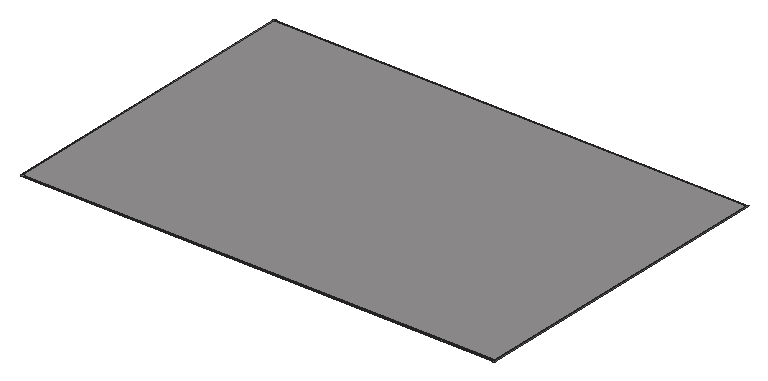
Revit family "Haworth_HandKnottedDegrade_Rugs", category Furniture, Revit 2018
Family settings
  OmniClass Number = 23.35.50.27.11.11
  OmniClass Title = Access Floors, Frames
  Work Plane-Based = No
  Always vertical = Yes
  Cut with Voids When Loaded = No
  Shared = No
  Room Calculation Point = No
Parameters (values of type "HCGN-HK Area Rug")
  Warranty = "http://www.haworth.com/resources/product-info/warranties"
  URL - Product = "https://www.haworth.com/na/en/products/rugs/hand-knotted-degrade.html"
  URL = "http://www.haworth.com/our-brands/haworth-collection"
  Thickness = 1/4"  # constant formula
  Revision Number = "1"  # constant formula
  Overlay Finish [instance] = Haworth_Viscose_Hand Knotted Degrade_Grey ZK-A03
  Size = "Verify Final Dimensions w/ Haworth"  # constant formula
  Model = "HCGN-HK"  # constant formula
  Manufacturer = "Haworth"  # constant formula
  Description = "Haworth Hand Knotted Degrade Rugs"
  Author = "Haworth (Alias)"  # constant formula
  Assembly Code = ""
  Actual Width = 78 179/256"  # constant formula
  Actual Length = 118 13/128"  # constant formula
Reference planes (in)
  plane 1: z = 0
  plane 2 "Left": x = -11.77344
  plane 3 "Right": x = 106.32812
  plane 4 "Back": y = 39.32227
  plane 5 "Front": y = -39.37695
  plane 6 "Center FB": y = -0.02734
  plane 7 "Center LR": x = 47.27734
  plane 8: z = 0.25
Forms (in)
  Extrusion 1, solid, material "Haworth_Viscose_Hand Knotted Degrade_Grey ZK-A03" <- "Overlay Finish"
    sketch origin (0, 0, 0) x (1, 0, 0) y (0, 1, 0)
      loop
        line (-11.77344, 39.32227) -> (-11.77344, -39.37695) -> (106.32812, -39.37695) -> (106.32812, 39.32227) -> (-11.77344, 39.32227)
    from 0 to 0.25
  Sweep 2, solid, material "Haworth_Viscose_Hand Knotted Degrade_Grey ZK-A03"
    path in 3D
      loop
        line (-11.77344, 39.32227, 0.25) -> (-11.77344, -39.37695, 0.25) -> (106.32812, -39.37695, 0.25) -> (106.32812, 39.32227, 0.25) -> (-11.77344, 39.32227, 0.25)
    profile origin (47.27734, 39.32227, 0.25) x (0, -1, 0) y (0, 0, 1)
      loop
        arc (0, 0) -> (-0.17375, -0.125) -> (0, -0.25) r 0.13184
        line (0, -0.25) -> (0, 0)
Lines and regions (in)
  Masking region 1
    outline origin (0, 0, 0) x (1, 0, 0) y (0, 1, 0)
      loop
        line (-11.77344, 39.32227) -> (-11.77344, -39.37695) -> (106.32812, -39.37695) -> (106.32812, 39.32227) -> (-11.77344, 39.32227)
  sketch lines
    curve 1: line (106.32812, 39.32227, 0.25) -> (-11.77344, 39.32227, 0.25)
    curve 2: line (106.32812, -39.37695, 0.25) -> (106.32812, 39.32227, 0.25)
    curve 3: line (-11.77344, -39.37695, 0.25) -> (106.32812, -39.37695, 0.25)
    curve 4: line (-11.77344, 39.32227, 0.25) -> (-11.77344, -39.37695, 0.25)
Dimensions and locks (in)
  equal spacing: plane 4 "Back", plane 6 "Center FB", plane 5 "Front"
  "Actual Width": plane 4 "Back" to plane 5 "Front"
  "Actual Length": plane 2 "Left" to plane 3 "Right"
  "Thickness": plane 8 to plane 1
  equal spacing: plane 2 "Left", plane 7 "Center LR", plane 3 "Right"
  aligned and locked: Extrusion 1 to plane 1
  aligned and locked: plane 2 "Left" to Extrusion 1 sketch curve
  aligned and locked: Extrusion 1 sketch curve to plane 5 "Front"
  aligned and locked: Extrusion 1 sketch curve to plane 4 "Back"
  aligned and locked: plane 3 "Right" to Extrusion 1 sketch curve
  aligned and locked: Extrusion 1 to plane 8
  aligned and locked: Masking region 1 sketch curve to plane 5 "Front"
  aligned and locked: plane 3 "Right" to Masking region 1 sketch curve
  aligned and locked: Masking region 1 sketch curve to plane 4 "Back"
  aligned and locked: plane 2 "Left" to Masking region 1 sketch curve
Automatic sketch dimensions
  Sweep 2 sketch curve to profile plane = 0"  (x2)
  profile plane to Sweep 2 sketch curve = 0.04191"
  Sweep 2 sketch curve to profile plane = 1/8"
